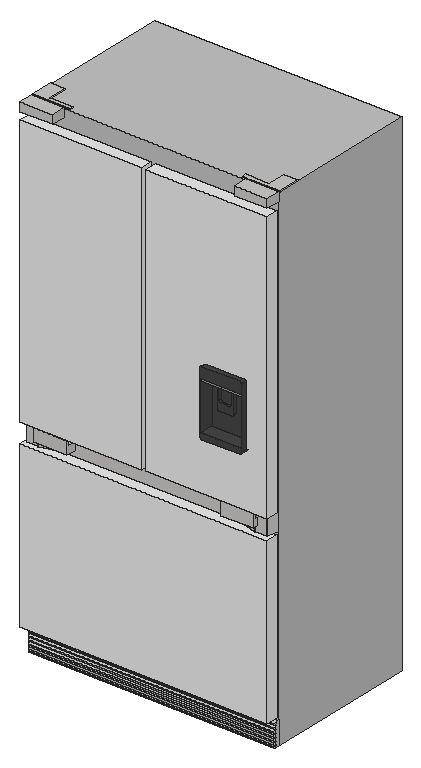
Revit family "FP-Revit20-RS36A72U1-FrenchDoorFridgeFreezer-0-90005081A-US-CA", category Specialty Equipment, Revit 2020
Family settings
  Round Connector Dimension = Use Diameter
  Part Type = Normal
  OmniClass Number = 23.40.40.11.11.17
  OmniClass Title = Refrigerator-Freezer
  Work Plane-Based = No
  Always vertical = Yes
  Cut with Voids When Loaded = Yes
  Shared = No
  Room Calculation Point = No
Parameters
  Visibility - Water Dispenser = yes
  Visibility - Visibility Control Note = yes
  Visibility - Clearance Required = yes
  URL = "www.fisherpaykel.com"
  Stainless Steel Door Panels (RD90AU) = no
  Product - Width = 906 mm  # constant formula
  Product - Height = 1798 mm  # constant formula
  Product - Depth = 604 mm  # constant formula
  Model = "RS90AU1"
  Material - Trim = Fisher & Paykel - Stainless Steel
  Material - Rollers and Feet = Fisher & Paykel - Black
  Material - Door Structure = Fisher & Paykel - White
  Material - Door Front = Fisher & Paykel - Stainless Steel
  Material - Connections = Fisher & Paykel - Black
  Material - Body = Fisher & Paykel - Grey
  Manufacturer = "Fisher & Paykel Appliances"
  Handle Style - Contemporary Square Fine Black (AHD5RD90AB) = no
  Handle Style - Contemporary Square Fine (AHD5RD90A) = no
  Handle Style - Contemporary Square (RS90A) = no
  Handle Style - Contemporary Round (25329 AHS-ASBI-A) = no
  Description = "90cm Integrated French Door Refrigerator Freezer, Ice & Water"
  Default Elevation = 0 mm
  Connector Description - Water = "13mm (1/2\") or 19mm (3/4\") BSP threaded water connection 6.35mm LLDPE tubing"
  Connector Description - Electrical = "115 V, 60 H, 10 A, fused electrical supply"
  Chassis - Width = 890 mm  # constant formula
  Chassis - Height = 1788 mm  # constant formula
  Chassis - Depth = 561.4 mm  # constant formula
  Cavity - Width = 914 mm  # constant formula
  Cavity - Height = 1800 mm  # constant formula
  Cavity - Depth = 650 mm  # constant formula
Reference planes
  plane 1 "Center (Front/Back)": y = 0
  plane 2: z = 0
  plane 3 "Center (Left/Right)": x = 0
  plane 4 "Product LHS": x = -453
  plane 5 "Product RHS": x = 453
  plane 6 "Cavity - Depth": y = 650
  plane 7 "Cavity LHS": x = -457
  plane 8 "Cavity RHS": x = 457
  plane 9 "Product - Depth": y = 622
  plane 10 "Product Height": z = 1798
  plane 11 "Cavity Height": z = 1800
  plane 12 "Datum": y = 18
Forms (mm)
  Extrusion 1, solid, material "Fisher & Paykel - Grey" <- "Material - Body"
    sketch origin (0, 0, 0) x (0, 1, 0) y (0, 0, 1)
      loop
        line (68.89, 6.6) -> (622, 6.6) -> (622, 1794.6) -> (68.89, 1794.6) -> (68.89, 6.6)
    from -445 to 445
  Extrusion 2, void
    sketch origin (-955, 0, 0) x (1, 0, 0) y (0, 0, 1)
      loop
        arc (1180.35, 1186.03) -> (1174.693, 1183.687) -> (1172.35, 1178.03) r 8
        line (1172.35, 1178.03) -> (1172.35, 958.43)
        arc (1172.35, 958.43) -> (1174.693, 952.773) -> (1180.35, 950.43) r 8
        line (1180.35, 950.43) -> (1314.85, 950.43)
        arc (1314.85, 950.43) -> (1320.507, 952.773) -> (1322.85, 958.43) r 8
        line (1322.85, 958.43) -> (1322.85, 1178.03)
        arc (1322.85, 1178.03) -> (1320.507, 1183.687) -> (1314.85, 1186.03) r 8
        line (1314.85, 1186.03) -> (1180.35, 1186.03)
    from -54.957 to 0
  Extrusion 3, solid, material "Fisher & Paykel - Black" <- "Material - Rollers and Feet"
    sketch origin (0, 0, -4) x (0, 1, 0) y (0, 0, 1)
      loop
        arc (120.09, 10.6) -> (136.133, 4) -> (152.177, 10.6) r 22.8
        line (152.177, 10.6) -> (120.09, 10.6)
      loop
        arc (555.39, 10.6) -> (571.433, 4) -> (587.477, 10.6) r 22.8
        line (587.477, 10.6) -> (555.39, 10.6)
    from 402 to 429
  Extrusion 4, solid, material "Fisher & Paykel - Clearance Required", visible <- "Visibility - Clearance Required", detail levels coarse
    sketch origin (0, 0, 0) x (0, 1, 0) y (0, 0, 1)
      loop
        line (-0.043, 696.43) -> (-359.921, 696.43) -> (-359.921, 631.801) -> (-401.921, 631.801) -> (-401.921, 615.801) -> (-359.921, 615.801) -> (-359.921, 100.03) -> (-0.043, 100.03) -> (-0.043, 696.43)
    from -453 to 453
  Extrusion 5, solid, material "Fisher & Paykel - White" <- "Material - Door Structure"
    sketch origin (0, 0, 0) x (1, 0, 0) y (0, 0, 1)
      loop
        line (-7.74, 1737.6) -> (-445, 1737.6) -> (-445, 763.6) -> (-7.74, 763.6) -> (-7.74, 1737.6)
      loop
        line (7.74, 1737.6) -> (7.74, 763.6) -> (445, 763.6) -> (445, 1737.6) -> (7.74, 1737.6)
      loop
        line (-445, 693.1) -> (-445, 101.1) -> (445, 101.1) -> (445, 693.1) -> (-445, 693.1)
    from -60.6 to -18
  Extrusion 6, solid, material "Fisher & Paykel - White" <- "Material - Door Structure"
    sketch origin (0, 0, 0) x (1, 0, 0) y (0, 0, 1)
      loop
        line (-434.6, 685.2) -> (-434.6, 109) -> (434.6, 109) -> (434.6, 685.2) -> (-434.6, 685.2)
      loop
        line (-13.88, 776) -> (-13.88, 1722.7) -> (-434.58, 1722.7) -> (-434.58, 776) -> (-13.88, 776)
      loop
        line (13.88, 776) -> (434.58, 776) -> (434.58, 1722.7) -> (13.88, 1722.7) -> (13.88, 776)
    from -68.89 to -60.552
  Extrusion 7, solid, material "Fisher & Paykel - Stainless Steel" <- "Material - Trim"
    sketch origin (0, -2, 0) x (1, 0, 0) y (0, 1, 0)
      loop
        line (-441.5, 70.89) -> (-434.782, 36.328)
        arc (-434.782, 36.328) -> (-433.745, 34.585) -> (-431.837, 33.9) r 3
        line (-431.837, 33.9) -> (-393.733, 33.9)
        arc (-393.733, 33.9) -> (-391.738, 34.034) -> (-389.779, 34.431) r 15
        line (-389.779, 34.431) -> (-320.032, 53.491) -> (320.032, 53.491) -> (389.779, 34.431)
        arc (389.779, 34.431) -> (391.738, 34.034) -> (393.733, 33.9) r 15
        line (393.733, 33.9) -> (431.837, 33.9)
        arc (431.837, 33.9) -> (433.745, 34.585) -> (434.782, 36.328) r 3
        line (434.782, 36.328) -> (441.5, 70.89) -> (-441.5, 70.89)
    from 696.967 to 759.03
  Extrusion 8, solid, material "Fisher & Paykel - Stainless Steel" <- "Material - Trim"
    sketch origin (0, -2, 0) x (0, 1, 0) y (0, 0, 1)
      loop
        line (20, 762.6) -> (20, 715.3) -> (70.89, 715.3) -> (70.89, 743.6) -> (25, 743.6) -> (25, 762.6) -> (20, 762.6)
    from 276.67 to 395
  Extrusion 9, solid, material "Fisher & Paykel - Stainless Steel" <- "Material - Trim"
    sketch origin (0, -2, 0) x (0, 1, 0) y (0, 0, -1)
      loop
        line (20, -762.6) -> (25, -762.6) -> (25, -743.6) -> (70.89, -743.6) -> (70.89, -715.3) -> (20, -715.3) -> (20, -762.6)
    from 276.67 to 395
  Extrusion 10, solid, material "Fisher & Paykel - Stainless Steel" <- "Material - Trim"
    sketch origin (0, 0, 0) x (1, 0, 0) y (0, 1, 0)
      loop
        line (-327.17, 18) -> (-327.17, 68.89) -> (-445, 68.89) -> (-445, 18) -> (-327.17, 18)
      loop
        line (445, 18) -> (445, 68.89) -> (327.17, 68.89) -> (327.17, 18) -> (445, 18)
    from 1765.6 to 1797.6
  Extrusion 11, solid, material "Fisher & Paykel - Stainless Steel" <- "Material - Trim", detail levels fine
    sketch origin (0, 0, 0) x (1, 0, 0) y (0, 1, 0)
      loop
        line (-445, 154.61) -> (-445, 73.11) -> (-311.45, 73.11) -> (-311.45, 88.11) -> (-394, 88.11) -> (-394, 154.61) -> (-445, 154.61)
      loop
        line (445, 154.61) -> (394.85, 154.61) -> (394.85, 88.11) -> (311.45, 88.11) -> (311.45, 73.11) -> (445, 73.11) -> (445, 154.61)
    from 1794.6 to 1797.6
  Extrusion 12, solid, material "Fisher & Paykel - Black" <- "Material - Rollers and Feet", detail levels fine
    sketch origin (0, 0, -4) x (0, 1, 0) y (0, 0, -1)
      loop
        line (120.09, -10.6) -> (152.177, -10.6)
        arc (152.177, -10.6) -> (136.133, -4) -> (120.09, -10.6) r 22.8
      loop
        line (555.39, -10.6) -> (587.477, -10.6)
        arc (587.477, -10.6) -> (571.433, -4) -> (555.39, -10.6) r 22.8
    from 402 to 429
  Extrusion 13, solid, material "Fisher & Paykel - Stainless Steel" <- "Material - Trim", detail levels fine
    sketch origin (0, -2, 0) x (0, 1, 0) y (0, 0, 1)
      loop
        line (24.91, 101.1) -> (24.91, 94.1) -> (50.15, 94.1) -> (50.15, 101.1) -> (24.91, 101.1)
    from -20.67 to 20.7
  Extrusion 14, solid, material "Fisher & Paykel - Stainless Steel" <- "Material - Trim", detail levels fine
    sketch origin (0, -2, 0) x (0, 1, 0) y (0, 0, 1)
      loop
        line (70.89, 90.613) -> (53.491, 85.951) -> (53.491, 81.639) -> (61.43, 81.639) -> (61.43, 75.465) -> (53.491, 73.338) -> (53.491, 69.031) -> (61.43, 69.031) -> (61.43, 62.857) -> (53.491, 60.73) -> (53.491, 56.423) -> (61.43, 56.423) -> (61.43, 50.254) -> (53.491, 48.127) -> (53.491, 43.821) -> (61.43, 43.821) -> (61.43, 37.652) -> (53.491, 35.525) -> (53.491, 31.218) -> (61.43, 31.218) -> (61.43, 25.049) -> (53.491, 22.922) -> (53.491, 18.585) -> (61.43, 18.585) -> (61.43, 12.447) -> (53.491, 10.32) -> (53.491, 6.6) -> (70.89, 6.6) -> (70.89, 90.613)
    from -445 to 445
  Extrusion 15, solid, material "Fisher & Paykel - Stainless Steel" <- "Material - Trim", detail levels coarse+medium
    sketch origin (0, -2, 0) x (0, 1, 0) y (0, 0, 1)
      loop
        line (70.89, 90.613) -> (53.491, 85.951) -> (53.491, 6.6) -> (70.89, 6.6) -> (70.89, 90.613)
    from -445 to 445
  Extrusion 16, void
    sketch origin (0, -2000, 0) x (1, 0, 0) y (0, 1, 0)
      loop
        line (-386.5, 2622) -> (-386.5, 2068.89) -> (386.5, 2068.89) -> (386.5, 2622) -> (-386.5, 2622)
    from 6.6 to 56.423
  Extrusion 17, solid, material "Fisher & Paykel - Stainless Steel" <- "Material - Door Front", visible <- "Stainless Steel Door Panels (RD90AU)"
    sketch origin (0, 0, 0) x (1, 0, 0) y (0, 0, 1)
      loop
        line (-448, 696.43) -> (-448, 100.03) -> (448, 100.03) -> (448, 696.43) -> (-448, 696.43)
      loop
        line (-448, 700.43) -> (-2, 700.43) -> (-2, 1796.43) -> (-448, 1796.43) -> (-448, 700.43)
      loop
        line (2, 1796.43) -> (2, 700.43) -> (448, 700.43) -> (448, 1796.43) -> (2, 1796.43)
    from -18 to 0.043
  Extrusion 18, void
    sketch origin (0, -2, 0) x (1, 0, 0) y (0, 1, 0)
      loop
        arc (445, 57.948) -> (443.695, 54.796) -> (440.543, 53.491) r 4.457
        line (440.543, 53.491) -> (445, 53.491) -> (445, 57.948)
      loop
        line (-445, 57.948) -> (-445, 53.491) -> (-440.543, 53.491)
        arc (-440.543, 53.491) -> (-443.695, 54.796) -> (-445, 57.948) r 4.457
    from 6.6 to 100.03
  Extrusion 19, solid, material "Fisher & Paykel - Clearance Required", visible <- "Visibility - Clearance Required", detail levels coarse
    sketch origin (0, 0, 0) x (1, 0, 0) y (0, 1, 0)
      loop
        line (-457, 650) -> (-457, 18) -> (457, 18) -> (457, 650) -> (-457, 650)
    from 0 to 1800
  Extrusion 20, solid, material "Fisher & Paykel - Clearance Required", visible <- "Visibility - Clearance Required", detail levels coarse
    sketch origin (0, 0, 0) x (1, 0, 0) y (0, 1, 0)
      loop
        line (-453, -0.043) -> (-610.872, -338.602) -> (-647.125, -321.697) -> (-653.73, -335.861) -> (-617.477, -352.766) -> (-643.601, -408.788)
        arc (-643.601, -408.788) -> (-210.678, -380.413) -> (-2, -0.043) r 451
        line (-2, -0.043) -> (-453, -0.043)
      loop
        line (453, -0.043) -> (2, -0.043)
        arc (2, -0.043) -> (210.678, -380.413) -> (643.601, -408.788) r 451
        line (643.601, -408.788) -> (617.477, -352.766) -> (653.73, -335.861) -> (647.125, -321.697) -> (610.872, -338.602) -> (453, -0.043)
    from 700.43 to 1800
  Extrusion 21, void
    sketch origin (0, 0, 0) x (1, 0, 0) y (0, 0, 1)
      loop
        line (275, 69.031) -> (275, 200) -> (0, 200) -> (0, 69.031) -> (275, 69.031)
      loop
        circle (225, 135) r 3
      loop
        circle (50, 135) r 3
    from -622 to -620
  Extrusion 22, void
    sketch origin (0, 0, 0) x (1, 0, 0) y (0, 1, 0)
      loop
        line (-457, 650) -> (-457, 0) -> (457, 0) -> (457, 650) -> (-457, 650)
    from 0 to 1800
Cuts and joins
  Extrusion 16, Extrusion 21 cuts Extrusion 1
  Extrusion 2 cuts Extrusion 17
  Extrusion 2 cuts Extrusion 5
  Extrusion 18 cuts Extrusion 14
  Extrusion 18 cuts Extrusion 15
  joined: Extrusion 7, Extrusion 8, Extrusion 9
Lines and regions (mm)
  model lines, style "Fisher & Paykel"
    curve 1: line (-453, 18, 1796.43) -> (-2, 18, 1796.43)
    curve 2: line (-453, 18, 700.43) -> (-453, 18, 1796.43)
    curve 3: line (-2, 18, 700.43) -> (-453, 18, 700.43)
    curve 4: line (-2, 18, 1796.43) -> (-2, 18, 700.43)
    curve 5: line (2, 18, 700.43) -> (453, 18, 700.43)
    curve 6: line (2, 18, 1796.43) -> (2, 18, 700.43)
    curve 7: line (453, 18, 1796.43) -> (2, 18, 1796.43)
    curve 8: line (453, 18, 700.43) -> (453, 18, 1796.43)
    curve 9: line (-453, 18, 696.43) -> (453, 18, 696.43)
    curve 10: line (-453, 18, 100.03) -> (-453, 18, 696.43)
    curve 11: line (453, 18, 100.03) -> (-453, 18, 100.03)
    curve 12: line (453, 18, 696.43) -> (453, 18, 100.03)
Text (mm)
  text "Due to ongoing product development, product details are subject to change without notice. \nPlease always refer to www.fisherpaykel.com for the most current product information. \n© Fisher & Paykel 2020" at (41.04, -527.568, 0), in view "Ref. Level (Plan)"
Dimensions and locks
  equal spacing: plane 4 "Product LHS", plane 3 "Center (Left/Right)", plane 5 "Product RHS"
  "Product - Width": plane 4 "Product LHS" to plane 5 "Product RHS"
  "Cavity - Depth": plane 1 "Center (Front/Back)" to plane 6 "Cavity - Depth"
  equal spacing: plane 7 "Cavity LHS", plane 3 "Center (Left/Right)", plane 8 "Cavity RHS"
  "Cavity - Width": plane 7 "Cavity LHS" to plane 8 "Cavity RHS"
  "Product - Height": level to plane 10 "Product Height"
  "Cavity - Height": plane 11 "Cavity Height" to level
  Extrusion 2 sketch curve to plane 3 "Center (Left/Right)" = 367.85 mm
  Extrusion 2 sketch curve to Extrusion 2 sketch curve = 235.6 mm
  Extrusion 2 sketch curve to level = 950.43 mm
  Extrusion 2 sketch curve to Extrusion 2 sketch curve = 150.5 mm
  "Chassis - Height": Extrusion 1 to Extrusion 1
  nested 1 to Extrusion 1 = 1179.43 mm
  Extrusion 13 to Extrusion 15 = 94.5 mm
  locked: plane 1 "Center (Front/Back)" to plane 12 "Datum" at 18
  "Chassis - Depth": cut or joined group of Extrusion 2, Extrusion 5 to plane 9 "Product - Depth"
  "Product - Depth": plane 9 "Product - Depth" to plane 12 "Datum"
  equal spacing: cut or joined group of Extrusion 1, Extrusion 16, Extrusion 21, plane 3 "Center (Left/Right)", cut or joined group of Extrusion 1, Extrusion 16, Extrusion 21  (x2)
  "Chassis - Width": cut or joined group of Extrusion 1, Extrusion 16, Extrusion 21 to cut or joined group of Extrusion 1, Extrusion 16, Extrusion 21
  aligned and locked: level to plane 2
  aligned and locked: Extrusion 18 to Extrusion 3
  aligned and locked: plane 9 "Product - Depth" to Extrusion 1
  aligned and locked: cut or joined group of Extrusion 1, Extrusion 16, Extrusion 21 to Extrusion 14
  aligned and locked: cut or joined group of Extrusion 1, Extrusion 16, Extrusion 21 to Extrusion 15
  aligned and locked: Extrusion 15 to cut or joined group of Extrusion 1, Extrusion 16, Extrusion 21
  aligned and locked: Extrusion 14 to cut or joined group of Extrusion 1, Extrusion 16, Extrusion 21
  aligned and locked: Extrusion 11 sketch curve to cut or joined group of Extrusion 1, Extrusion 16, Extrusion 21
  aligned and locked: Extrusion 5 sketch curve to cut or joined group of Extrusion 1, Extrusion 16, Extrusion 21  (x2)
  aligned and locked: Extrusion 5 sketch curve to Extrusion 5 sketch curve
  aligned and locked: cut or joined group of Extrusion 1, Extrusion 16, Extrusion 21 to Extrusion 5 sketch curve
  aligned and locked: Extrusion 18 sketch curve to cut or joined group of Extrusion 14, Extrusion 18
  aligned and locked: Extrusion 10 to Extrusion 18 sketch curve
  aligned and locked: Extrusion 18 sketch curve to Extrusion 10
  aligned and locked: plane 9 "Product - Depth" to Extrusion 21
Automatic sketch dimensions
  Extrusion 1 sketch curve to plane 9 "Product - Depth" = 0 mm
  level to Extrusion 1 sketch curve = 6.6 mm
  Extrusion 1 sketch curve to plane 12 "Datum" = 50.89 mm
  plane 10 "Product Height" to Extrusion 1 sketch curve = 3.4 mm
  Extrusion 2 sketch curve to Extrusion 2 sketch curve = 8 mm  (x4)
  level to Extrusion 3 sketch curve = 6.6 mm  (x2)
  Extrusion 3 sketch curve to plane 12 "Datum" = 102.09 mm
  Extrusion 3 sketch curve to Extrusion 3 sketch curve = 16.044 mm  (x2)
  Extrusion 3 sketch curve to plane 9 "Product - Depth" = 66.61 mm
  level to Extrusion 3 sketch curve = 22.8 mm  (x2)
  plane 1 "Center (Front/Back)" to Extrusion 4 sketch curve = 401.921 mm
  Extrusion 4 sketch curve to Extrusion 4 sketch curve = 42 mm
  level to Extrusion 4 sketch curve = 100.03 mm
  plane 1 "Center (Front/Back)" to Extrusion 4 sketch curve = 359.921 mm
  plane 1 "Center (Front/Back)" to Extrusion 4 sketch curve = 0.043 mm
  Extrusion 4 sketch curve to Extrusion 4 sketch curve = 515.771 mm
  Extrusion 4 sketch curve to Extrusion 4 sketch curve = 16 mm
  Extrusion 4 sketch curve to Extrusion 4 sketch curve = 64.629 mm
  Extrusion 5 sketch curve to plane 3 "Center (Left/Right)" = 7.74 mm
  plane 3 "Center (Left/Right)" to Extrusion 5 sketch curve = 7.74 mm
  level to Extrusion 5 sketch curve = 101.1 mm
  Extrusion 5 sketch curve to Extrusion 5 sketch curve = 592 mm
  Extrusion 5 sketch curve to Extrusion 5 sketch curve = 70.5 mm
  Extrusion 5 sketch curve to Extrusion 5 sketch curve = 0 mm
  plane 10 "Product Height" to Extrusion 5 sketch curve = 60.4 mm  (x2)
  Extrusion 6 sketch curve to plane 4 "Product LHS" = 18.4 mm
  Extrusion 6 sketch curve to plane 4 "Product LHS" = 18.42 mm
  Extrusion 6 sketch curve to plane 3 "Center (Left/Right)" = 13.88 mm
  plane 3 "Center (Left/Right)" to Extrusion 6 sketch curve = 13.88 mm
  plane 5 "Product RHS" to Extrusion 6 sketch curve = 18.42 mm
  plane 5 "Product RHS" to Extrusion 6 sketch curve = 18.4 mm
  level to Extrusion 6 sketch curve = 109 mm
  Extrusion 6 sketch curve to Extrusion 6 sketch curve = 576.2 mm
  Extrusion 6 sketch curve to Extrusion 6 sketch curve = 90.8 mm
  Extrusion 6 sketch curve to Extrusion 6 sketch curve = 0 mm  (x2)
  plane 10 "Product Height" to Extrusion 6 sketch curve = 75.3 mm
  Extrusion 7 sketch curve to plane 4 "Product LHS" = 11.5 mm
  Extrusion 7 sketch curve to plane 4 "Product LHS" = 18.218 mm
  Extrusion 7 sketch curve to Extrusion 7 sketch curve = 2.945 mm  (x2)
  Extrusion 7 sketch curve to plane 12 "Datum" = 13.9 mm
  Extrusion 7 sketch curve to Extrusion 7 sketch curve = 38.104 mm
  Extrusion 7 sketch curve to plane 12 "Datum" = 14.431 mm  (x2)
  Extrusion 7 sketch curve to Extrusion 7 sketch curve = 3.954 mm  (x2)
  Extrusion 7 sketch curve to plane 12 "Datum" = 33.491 mm
  Extrusion 7 sketch curve to Extrusion 7 sketch curve = 69.747 mm
  plane 5 "Product RHS" to Extrusion 7 sketch curve = 132.968 mm
  plane 5 "Product RHS" to Extrusion 7 sketch curve = 63.221 mm
  plane 5 "Product RHS" to Extrusion 7 sketch curve = 21.163 mm
  plane 5 "Product RHS" to Extrusion 7 sketch curve = 11.5 mm
  Extrusion 7 sketch curve to plane 1 "Center (Front/Back)" = 31.9 mm
  Extrusion 7 sketch curve to Extrusion 7 sketch curve = 2.428 mm  (x2)
  Extrusion 7 sketch curve to Extrusion 7 sketch curve = 34.562 mm
  Extrusion 8 sketch curve to plane 12 "Datum" = 0 mm
  Extrusion 8 sketch curve to Extrusion 8 sketch curve = 5 mm
  Extrusion 8 sketch curve to Extrusion 8 sketch curve = 50.89 mm
  level to Extrusion 8 sketch curve = 715.3 mm
  Extrusion 8 sketch curve to Extrusion 8 sketch curve = 28.3 mm
  Extrusion 8 sketch curve to Extrusion 8 sketch curve = 19 mm
  Extrusion 9 sketch curve to plane 12 "Datum" = 0 mm
  Extrusion 9 sketch curve to Extrusion 9 sketch curve = 5 mm
  Extrusion 9 sketch curve to Extrusion 9 sketch curve = 50.89 mm
  level to Extrusion 9 sketch curve = 762.6 mm
  Extrusion 9 sketch curve to Extrusion 9 sketch curve = 19 mm
  Extrusion 9 sketch curve to Extrusion 9 sketch curve = 28.3 mm
  plane 12 "Datum" to Extrusion 10 sketch curve = 0 mm  (x2)
  Extrusion 10 sketch curve to plane 4 "Product LHS" = 8 mm
  Extrusion 10 sketch curve to plane 12 "Datum" = 50.89 mm  (x2)
  Extrusion 10 sketch curve to Extrusion 10 sketch curve = 117.83 mm
  plane 5 "Product RHS" to Extrusion 10 sketch curve = 125.83 mm
  plane 5 "Product RHS" to Extrusion 10 sketch curve = 8 mm
  Extrusion 11 sketch curve to Extrusion 11 sketch curve = 51 mm
  Extrusion 11 sketch curve to Extrusion 11 sketch curve = 82.55 mm
  Extrusion 11 sketch curve to plane 12 "Datum" = 55.11 mm  (x2)
  plane 5 "Product RHS" to Extrusion 11 sketch curve = 141.55 mm
  plane 5 "Product RHS" to Extrusion 11 sketch curve = 58.15 mm
  plane 5 "Product RHS" to Extrusion 11 sketch curve = 8 mm
  Extrusion 11 sketch curve to Extrusion 11 sketch curve = 15 mm  (x2)
  Extrusion 11 sketch curve to Extrusion 11 sketch curve = 66.5 mm  (x2)
  level to Extrusion 12 sketch curve = 6.6 mm  (x2)
  Extrusion 12 sketch curve to plane 12 "Datum" = 102.09 mm
  Extrusion 12 sketch curve to Extrusion 12 sketch curve = 16.044 mm  (x2)
  Extrusion 12 sketch curve to plane 9 "Product - Depth" = 66.61 mm
  level to Extrusion 12 sketch curve = 22.8 mm  (x2)
  Extrusion 13 sketch curve to plane 12 "Datum" = 4.91 mm
  Extrusion 13 sketch curve to Extrusion 13 sketch curve = 25.24 mm
  level to Extrusion 13 sketch curve = 94.1 mm
  Extrusion 13 sketch curve to Extrusion 13 sketch curve = 7 mm
  Extrusion 14 sketch curve to plane 12 "Datum" = 33.491 mm  (x3)
  level to Extrusion 14 sketch curve = 6.6 mm
  Extrusion 14 sketch curve to Extrusion 14 sketch curve = 0 mm  (x8)
  Extrusion 14 sketch curve to Extrusion 14 sketch curve = 7.939 mm  (x2)
  Extrusion 14 sketch curve to Extrusion 14 sketch curve = 9.46 mm
  Extrusion 14 sketch curve to Extrusion 14 sketch curve = 3.72 mm
  Extrusion 14 sketch curve to Extrusion 14 sketch curve = 2.127 mm
  Extrusion 14 sketch curve to Extrusion 14 sketch curve = 8.266 mm
  Extrusion 14 sketch curve to Extrusion 14 sketch curve = 4.337 mm
  Extrusion 14 sketch curve to Extrusion 14 sketch curve = 6.464 mm
  Extrusion 14 sketch curve to Extrusion 14 sketch curve = 6.169 mm  (x3)
  Extrusion 14 sketch curve to Extrusion 14 sketch curve = 4.306 mm  (x4)
  Extrusion 14 sketch curve to Extrusion 14 sketch curve = 6.433 mm  (x4)
  Extrusion 14 sketch curve to Extrusion 14 sketch curve = 6.175 mm  (x2)
  Extrusion 14 sketch curve to Extrusion 14 sketch curve = 4.312 mm
  Extrusion 14 sketch curve to Extrusion 14 sketch curve = 8.974 mm
  Extrusion 15 sketch curve to plane 12 "Datum" = 33.491 mm
  level to Extrusion 15 sketch curve = 6.6 mm
  Extrusion 15 sketch curve to Extrusion 15 sketch curve = 17.399 mm
  Extrusion 15 sketch curve to Extrusion 15 sketch curve = 79.351 mm
  Extrusion 15 sketch curve to Extrusion 15 sketch curve = 4.662 mm
  Extrusion 16 sketch curve to plane 9 "Product - Depth" = 0 mm
  Extrusion 16 sketch curve to plane 4 "Product LHS" = 66.5 mm
  plane 5 "Product RHS" to Extrusion 16 sketch curve = 66.5 mm
  Extrusion 16 sketch curve to plane 12 "Datum" = 50.89 mm
  Extrusion 17 sketch curve to plane 4 "Product LHS" = 5 mm  (x2)
  plane 5 "Product RHS" to Extrusion 17 sketch curve = 5 mm  (x2)
  Extrusion 17 sketch curve to plane 3 "Center (Left/Right)" = 2 mm
  plane 3 "Center (Left/Right)" to Extrusion 17 sketch curve = 2 mm
  level to Extrusion 17 sketch curve = 100.03 mm
  Extrusion 17 sketch curve to Extrusion 17 sketch curve = 596.4 mm
  Extrusion 17 sketch curve to Extrusion 17 sketch curve = 4 mm
  Extrusion 17 sketch curve to Extrusion 17 sketch curve = 0 mm
  plane 10 "Product Height" to Extrusion 17 sketch curve = 1.57 mm  (x2)
  Extrusion 18 sketch curve to Extrusion 18 sketch curve = 4.457 mm  (x2)
  Extrusion 18 sketch curve to plane 12 "Datum" = 33.491 mm
  Extrusion 19 sketch curve to plane 7 "Cavity LHS" = 0 mm
  Extrusion 19 sketch curve to plane 8 "Cavity RHS" = 0 mm
  plane 12 "Datum" to Extrusion 19 sketch curve = 0 mm
  plane 6 "Cavity - Depth" to Extrusion 19 sketch curve = 0 mm
  Extrusion 20 sketch curve to plane 4 "Product LHS" = 0 mm  (x2)
  Extrusion 20 sketch curve to plane 5 "Product RHS" = 0 mm  (x2)
  plane 7 "Cavity LHS" to Extrusion 20 sketch curve = 153.872 mm
  Extrusion 20 sketch curve to Extrusion 20 sketch curve = 6.605 mm  (x3)
  Extrusion 20 sketch curve to Extrusion 20 sketch curve = 26.124 mm
  Extrusion 20 sketch curve to Extrusion 20 sketch curve = 36.252 mm  (x2)
  plane 1 "Center (Front/Back)" to Extrusion 20 sketch curve = 0.043 mm  (x2)
  Extrusion 20 sketch curve to plane 3 "Center (Left/Right)" = 2 mm
  plane 3 "Center (Left/Right)" to Extrusion 20 sketch curve = 2 mm
  Extrusion 20 sketch curve to plane 8 "Cavity RHS" = 153.872 mm
  plane 1 "Center (Front/Back)" to Extrusion 20 sketch curve = 408.788 mm
  plane 1 "Center (Front/Back)" to Extrusion 20 sketch curve = 335.861 mm
  Extrusion 21 sketch curve to plane 3 "Center (Left/Right)" = 0 mm
  plane 3 "Center (Left/Right)" to Extrusion 21 sketch curve = 50 mm
  Extrusion 21 sketch curve to Extrusion 21 sketch curve = 175 mm
  Extrusion 21 sketch curve to Extrusion 21 sketch curve = 50 mm
  level to Extrusion 21 sketch curve = 69.031 mm
  Extrusion 21 sketch curve to Extrusion 21 sketch curve = 65.969 mm  (x2)
  Extrusion 21 sketch curve to Extrusion 21 sketch curve = 65 mm
  Extrusion 22 sketch curve to plane 7 "Cavity LHS" = 0 mm
  Extrusion 22 sketch curve to plane 8 "Cavity RHS" = 0 mm
  plane 12 "Datum" to Extrusion 22 sketch curve = 18 mm
  plane 6 "Cavity - Depth" to Extrusion 22 sketch curve = 0 mm
  plane 4 "Product LHS" to curve 1 = 0 mm
  plane 5 "Product RHS" to curve 8 = 0 mm
  plane 4 "Product LHS" to curve 9 = 0 mm
  plane 5 "Product RHS" to curve 9 = 0 mm
  plane 10 "Product Height" to curve 1 = 1.57 mm
  plane 10 "Product Height" to curve 8 = 1.57 mm
  level to curve 5 = 700.43 mm
  curve 4 to plane 3 "Center (Left/Right)" = 2 mm
  curve 4 to curve 5 = 0 mm
  curve 2 to curve 9 = 4 mm
  level to curve 11 = 100.03 mm
  plane 3 "Center (Left/Right)" to curve 7 = 2 mm
  radius of Extrusion 21 sketch curve = 3 mm  (x2)
Nested families
  nested 1: "F&P Water Dispenser" at (292.6, 0, 950.43), visible <- "Visibility - Water Dispenser", type "F&P Water Dispenser"
  nested 2: "F&P Handle Kit - Contemporary Square - Horizontal" at (0, 0, 623.802), visible <- "Handle Style - Contemporary Square (RS90A)", type "RS90A - Contemporary square handle (2 of 2) (Horizontal) 746mm"
  nested 3: "F&P Handle Kit - Contemporary Square - Vertical" at (67.3, 0, 1128.5), visible <- "Handle Style - Contemporary Square (RS90A)", type "RS90A - Contemporary square handle (1 of 2) (Vertical) 727mm"
  nested 4: "F&P Handle Kit - Contemporary Square - Vertical" at (-67.3, 0, 1128.5), visible <- "Handle Style - Contemporary Square (RS90A)", type "RS90A - Contemporary square handle (1 of 2) (Vertical) 727mm"
  nested 5: "Comment Marker 2D" at (0, 95.815, 0), visible <- "Visibility - Visibility Control Note", type "Active"
  nested 6: "F&P Handle Kit - Contemporary Round - Horizontal" at (0, -0.043, 623.78), visible <- "Handle Style - Contemporary Round (25329 AHS-ASBI-A)", type "25329 AHS-ASBI-A - Contemporary round handle (2 of 2) (Horizontal) 746mm"
  nested 7: "F&P Handle Kit - Contemporary Round - Vertical" at (-67.3, -0.043, 1128.5), visible <- "Handle Style - Contemporary Round (25329 AHS-ASBI-A)", type "25329 AHS-ASBI-A - Contemporary round handle (1 of 2) (Vertical) 727mm"
  nested 8: "F&P Handle Kit - Contemporary Square Fine - Horizontal" at (0, -0.043, 623.78), visible <- "Handle Style - Contemporary Square Fine (AHD5RD90A)", type "AHD5RD90A - Contemporary square fine handle (2 of 2) (Horizontal) 746mm"
  nested 9: "F&P Handle Kit - Contemporary Square Fine - Horizontal" at (0, -0.043, 623.78), visible <- "Handle Style - Contemporary Square Fine Black (AHD5RD90AB)", type "AHD5RD90AB - Contemporary square fine black handle (2 of 2) (Horizontal) 746mm"
  nested 10: "F&P Handle Kit - Contemporary Square Fine - Vertical" at (-67.3, -0.043, 1128.5), visible <- "Handle Style - Contemporary Square Fine (AHD5RD90A)", type "AHD5RD90A - Contemporary square fine handle (1 of 2) (Vertical) 727mm"
  nested 11: "F&P Handle Kit - Contemporary Square Fine - Vertical" at (-67.3, -0.043, 1128.5), visible <- "Handle Style - Contemporary Square Fine Black (AHD5RD90AB)", type "AHD5RD90AB - Contemporary square fine black handle (1 of 2) (Vertical) 727mm"
  nested 12: "F&P Handle Kit - Contemporary Round - Vertical" at (67.3, -0.043, 1128.5), visible <- "Handle Style - Contemporary Round (25329 AHS-ASBI-A)", type "25329 AHS-ASBI-A - Contemporary round handle (1 of 2) (Vertical) 727mm"
  nested 13: "F&P Handle Kit - Contemporary Square Fine - Vertical" at (67.3, -0.043, 1128.5), visible <- "Handle Style - Contemporary Square Fine (AHD5RD90A)", type "AHD5RD90A - Contemporary square fine handle (1 of 2) (Vertical) 727mm"
  nested 14: "F&P Handle Kit - Contemporary Square Fine - Vertical" at (67.3, -0.043, 1128.5), visible <- "Handle Style - Contemporary Square Fine Black (AHD5RD90AB)", type "AHD5RD90AB - Contemporary square fine black handle (1 of 2) (Vertical) 727mm"
Connectors
  electrical at (50, 622, 135), driven by "Connector Description - Electrical"
    settings: on cut or joined group of Extrusion 1, Extrusion 16, Extrusion 21, index 1, voltage 230 V, apparent load 0 VA, apparent load phase1 0 VA, apparent load phase2 0 VA, apparent load phase3 0 VA, power factor 1, load classification "Other", number of poles 1, system type 30, power factor state 1, is connector primary yes, connector utility no, sub classification motor no, connector description "115 V, 60 H, 10 A, fused electrical supply"
  piping at (225, 622, 135), diameter 6, driven by "Connector Description - Water"
    settings: on cut or joined group of Extrusion 1, Extrusion 16, Extrusion 21, index 2, connector inside diameter 609.6 mm, connector length 0 mm, flow factor 0, pipe flow 0.0 L/s, pressure drop 0.0 Pa, fitting loss kfactor 0, connector angle 0.00°, fixture units 0, engagement length 0 mm, angle of deflection 0.00°, flow configuration 0, flow direction 1, fitting loss method 0, system type 20, joint type 0, gender type 0, connector reference index -1, connector utility 0, adjustable connector no, is connector primary yes, connector description "13mm (1/2\") or 19mm (3/4\") BSP threaded water connection 6.35mm LLDPE tubing"
Definition of nested family "F&P Water Dispenser"
  Parameters (values of type "F&P Water Dispenser")
    URL = "www.fisherpaykel.com"
    Material - Trim = none
    Material - Body = none
    Manufacturer = "Fisher & Paykel Appliances"
    Default Elevation = 0 mm
    Connector Description - Water = ""
    Connector Description - Electrical = ""
  Reference planes
    plane 1 "Center (Front/Back)": y = 0
    plane 2: z = 0
    plane 3 "Center (Left/Right)": x = 0
  Forms (mm)
    Extrusion 1, solid, material <- "Material - Body"
      sketch origin (0, 0, 0) x (1, 0, 0) y (0, 0, 1)
        loop
          arc (-67.25, 235.6) -> (-72.907, 233.257) -> (-75.25, 227.6) r 8
          line (-75.25, 227.6) -> (-75.25, 8)
          arc (-75.25, 8) -> (-72.907, 2.343) -> (-67.25, 0) r 8
          line (-67.25, 0) -> (67.25, 0)
          arc (67.25, 0) -> (72.907, 2.343) -> (75.25, 8) r 8
          line (75.25, 8) -> (75.25, 227.609)
          arc (75.25, 227.609) -> (72.909, 233.259) -> (67.259, 235.6) r 7.991
          line (67.259, 235.6) -> (-67.25, 235.6)
        loop
          line (-74.25, 192.6) -> (-74.25, 20) -> (74.25, 20) -> (74.25, 192.6) -> (-74.25, 192.6)
      from -55 to 0
    Extrusion 2, solid, material <- "Material - Trim", detail levels fine
      sketch origin (0, 0, 0) x (1, 0, 0) y (0, 0, 1)
        loop
          line (-74.25, 192.6) -> (-74.25, 187.1) -> (74.25, 187.1) -> (74.25, 192.6) -> (-74.25, 192.6)
      from -55 to 0
    Extrusion 3, solid, material <- "Material - Body"
      sketch origin (0, 0, 0) x (1, 0, 0) y (0, 0, 1)
        loop
          line (-74.25, 187.1) -> (-74.25, 20) -> (74.25, 20) -> (74.25, 187.1) -> (-74.25, 187.1)
      from -55 to -50
    Extrusion 4, solid, material <- "Material - Body", detail levels fine
      sketch origin (0, 0, 0) x (1, 0, 0) y (0, 0, 1)
        loop
          line (-30, 187.1) -> (-30, 105.1)
          arc (-30, 105.1) -> (-27.657, 99.443) -> (-22, 97.1) r 8
          line (-22, 97.1) -> (22, 97.1)
          arc (22, 97.1) -> (27.657, 99.443) -> (30, 105.1) r 8
          line (30, 105.1) -> (30, 187.1) -> (23.5, 187.1) -> (23.5, 134.1)
          arc (23.5, 134.1) -> (21.157, 128.443) -> (15.5, 126.1) r 8
          line (15.5, 126.1) -> (-15.5, 126.1)
          arc (-15.5, 126.1) -> (-21.157, 128.443) -> (-23.5, 134.1) r 8
          line (-23.5, 134.1) -> (-23.5, 187.1) -> (-30, 187.1)
      from -27.6 to -21.6
    Extrusion 5, solid, material <- "Material - Body", detail levels fine
      sketch origin (0, 0, 0) x (1, 0, 0) y (0, 1, 0)
        loop
          circle (0, 24.6) r 7.5
      from 179.1 to 187.1
  Dimensions and locks
    aligned and locked: level to plane 2
Definition of nested family "F&P Handle Kit - Contemporary Square - Horizontal"
  Parameters (values of type "RS90A - Contemporary square handle (2 of 2) (Horizontal) 746mm")
    URL = "www.fisherpaykel.com"
    Material - Handle = none
    Manufacturer = "Fisher & Paykel Appliances"
    Handle - Length = 746 mm
    Default Elevation = 0 mm
  Types (9, lengths in mm): name | Handle - Length
    (no name) | 746
    AHD3RD2484W - Contemporary square handle (2 of 2) (Horizontal) 494mm | 494
    AHD3RD3084W - Contemporary square handle (2 of 2) (Horizontal) 646mm | 646
    AHD3RS3272A - Contemporary square handle (2 of 2) (Horizontal) 646mm | 646
    AHD3RS80A - Contemporary square handle (2 of 2) (Horizontal) 646mm | 646
    AHD3RD6121W - Contemporary square handle (2 of 2) (Horizontal) 494mm | 494
    AHD3RD7621W - Contemporary square handle (2 of 2) (Horizontal) 646mm | 646
    RS36A - Contemporary square handle (2 of 2) (Horizontal) 746mm | 746
    RS90A - Contemporary square handle (2 of 2) (Horizontal) 746mm | 746
  Reference planes
    plane 1 "Center (Front/Back)": y = 0
    plane 2: z = 0
    plane 3 "Center (Left/Right)": x = 0
    plane 4 "Product LHS": x = -373
    plane 5 "Product RHS": x = 373
    plane 6 "LHS Standoff": x = -252.995
    plane 7 "RHS Standoff": x = 253.005
  Forms (mm)
    Extrusion 1, solid, material <- "Material - Handle", detail levels fine
      sketch origin (0, 0, 0) x (0, 1, 0) y (0, 0, 1)
        loop
          arc (-28.701, 7.561) -> (-29.057, 7.868) -> (-29.514, 7.978) r 1
          line (-29.514, 7.978) -> (-40.5, 7.978)
          arc (-40.5, 7.978) -> (-41.561, 7.539) -> (-42, 6.478) r 1.5
          line (-42, 6.478) -> (-42, -6.522)
          arc (-42, -6.522) -> (-41.561, -7.583) -> (-40.5, -8.022) r 1.5
          line (-40.5, -8.022) -> (-29.487, -8.022)
          arc (-29.487, -8.022) -> (-29.029, -7.911) -> (-28.673, -7.602) r 1
          arc (-28.673, -7.602) -> (-26.256, -0.016) -> (-28.701, 7.561) r 13.038
      from -373 to 373
    Extrusion 2, solid, material <- "Material - Handle", detail levels fine
      sketch origin (0, 0, 0) x (0, 1, 0) y (0, 0, 1)
        loop
          arc (-28.23, 7.062) -> (-26.156, 0.008) -> (-28.198, -7.056) r 13.136
          arc (-28.198, -7.056) -> (-28.21, -7.463) -> (-27.86, -7.67) r 0.4
          line (-27.86, -7.67) -> (0, -7.67) -> (0, 7.678) -> (-27.893, 7.678)
          arc (-27.893, 7.678) -> (-28.244, 7.47) -> (-28.23, 7.062) r 0.4
      from 253.005 to 373
    Extrusion 3, solid, material <- "Material - Handle", detail levels fine
      sketch origin (0, 0, 0) x (0, 1, 0) y (0, 0, -1)
        loop
          arc (-28.23, -7.062) -> (-28.244, -7.47) -> (-27.893, -7.678) r 0.4
          line (-27.893, -7.678) -> (0, -7.678) -> (0, 7.67) -> (-27.86, 7.67)
          arc (-27.86, 7.67) -> (-28.21, 7.463) -> (-28.198, 7.056) r 0.4
          arc (-28.198, 7.056) -> (-26.156, -0.008) -> (-28.23, -7.062) r 13.136
      from 252.995 to 373
    Sweep 4, void
      path in 3D
        loop
          line (373, -29.514, 7.978) -> (373, -40.5, 7.978)
          arc (373, -40.5, 7.978) -> (373, -41.561, 7.539) -> (373, -42, 6.478) r 1.5
          line (373, -42, 6.478) -> (373, -42, -6.522)
          arc (373, -42, -6.522) -> (373, -41.561, -7.583) -> (373, -40.5, -8.022) r 1.5
          line (373, -40.5, -8.022) -> (373, -29.487, -8.022)
      profile origin (373, -35.007, 7.978) x (1, 0, 0) y (0, 0, 1)
        loop
          line (0, 0) -> (-1.3, 0) -> (0, -1.3) -> (0, 0)
    Sweep 5, void
      path in 3D
        loop
          line (-373, -29.487, -8.022) -> (-373, -40.5, -8.022)
          arc (-373, -40.5, -8.022) -> (-373, -41.561, -7.583) -> (-373, -42, -6.522) r 1.5
          line (-373, -42, -6.522) -> (-373, -42, 6.478)
          arc (-373, -42, 6.478) -> (-373, -41.561, 7.539) -> (-373, -40.5, 7.978) r 1.5
          line (-373, -40.5, 7.978) -> (-373, -29.514, 7.978)
      profile origin (-373, -35.007, 7.978) x (-1, 0, 0) y (0, 0, 1)
        loop
          line (0, 0) -> (-1.3, 0) -> (0, -1.3) -> (0, 0)
    Extrusion 6, void
      sketch origin (0, 0, 0) x (1, 0, 0) y (0, 0, 1)
        loop
          line (373, 7.978) -> (371.7, 7.978) -> (373, 6.678) -> (373, 7.978)
        loop
          line (373, -8.022) -> (373, -6.722) -> (371.7, -8.022) -> (373, -8.022)
      from 0 to 40
    Extrusion 7, void
      sketch origin (0, 0, 0) x (1, 0, 0) y (0, 0, 1)
        loop
          line (-373, 7.978) -> (-373, 6.678) -> (-371.7, 7.978) -> (-373, 7.978)
        loop
          line (-373, -8.022) -> (-371.7, -8.022) -> (-373, -6.722) -> (-373, -8.022)
      from 0 to 40
    Extrusion 8, solid, material <- "Material - Handle", detail levels coarse+medium
      sketch origin (0, 0, 0) x (1, 0, 0) y (0, 1, 0)
        loop
          line (-373, -42) -> (373, -42) -> (373, 0) -> (253.005, 0) -> (253.005, -26.156) -> (-252.995, -26.156) -> (-252.995, 0) -> (-373, 0) -> (-373, -42)
      from -8.022 to 7.978
  Cuts and joins
    Sweep 4, Sweep 5, Extrusion 6, Extrusion 7 cuts Extrusion 1
    Extrusion 6 cuts Extrusion 2
    Extrusion 7 cuts Extrusion 3
  Lines and regions (mm)
    sketch lines
      curve 1: line (373, -29.514, 7.978) -> (373, -40.5, 7.978)
      curve 2: arc (373, -42, 6.478) -> (373, -41.561, 7.539) -> (373, -40.5, 7.978) r 1.5
      curve 3: line (373, -42, 6.478) -> (373, -42, -6.522)
      curve 4: arc (373, -40.5, -8.022) -> (373, -41.561, -7.583) -> (373, -42, -6.522) r 1.5
      curve 5: line (373, -40.5, -8.022) -> (373, -29.487, -8.022)
      curve 6: line (-373, -40.5, 7.978) -> (-373, -29.514, 7.978)
      curve 7: arc (-373, -40.5, 7.978) -> (-373, -41.561, 7.539) -> (-373, -42, 6.478) r 1.5
      curve 8: line (-373, -42, -6.522) -> (-373, -42, 6.478)
      curve 9: arc (-373, -42, -6.522) -> (-373, -41.561, -7.583) -> (-373, -40.5, -8.022) r 1.5
      curve 10: line (-373, -29.487, -8.022) -> (-373, -40.5, -8.022)
  Dimensions and locks
    equal spacing: plane 4 "Product LHS", plane 3 "Center (Left/Right)", plane 5 "Product RHS"
    "Handle - Length": plane 4 "Product LHS" to plane 5 "Product RHS"
    locked: plane 4 "Product LHS" to plane 6 "LHS Standoff" at 120.005
    locked: plane 7 "RHS Standoff" to plane 5 "Product RHS" at 119.995
    aligned and locked: level to plane 2
    aligned and locked: Extrusion 1 to plane 5 "Product RHS"
    aligned and locked: plane 4 "Product LHS" to Extrusion 1
    aligned and locked: Extrusion 2 to plane 5 "Product RHS"
    aligned and locked: plane 4 "Product LHS" to Extrusion 3
    aligned and locked: plane 4 "Product LHS" to Extrusion 8 sketch curve
    aligned and locked: Extrusion 8 sketch curve to plane 5 "Product RHS"
    aligned and locked: Extrusion 8 sketch curve to plane 7 "RHS Standoff"
    aligned and locked: plane 6 "LHS Standoff" to Extrusion 8 sketch curve
    aligned and locked: Extrusion 2 to plane 7 "RHS Standoff"
    aligned and locked: plane 6 "LHS Standoff" to Extrusion 3
  Automatic sketch dimensions
    Extrusion 1 sketch curve to level = 6.522 mm
    plane 1 "Center (Front/Back)" to Extrusion 1 sketch curve = 42 mm
    Extrusion 1 sketch curve to Extrusion 1 sketch curve = 1.5 mm  (x2)
    Extrusion 1 sketch curve to level = 0.04 mm
    Extrusion 1 sketch curve to Extrusion 1 sketch curve = 1.206 mm
    level to Extrusion 1 sketch curve = 6.978 mm
    Extrusion 1 sketch curve to Extrusion 1 sketch curve = 10.986 mm
    Extrusion 1 sketch curve to Extrusion 1 sketch curve = 11.013 mm
    Extrusion 1 sketch curve to Extrusion 1 sketch curve = 1 mm
    level to Extrusion 1 sketch curve = 6.478 mm
    Extrusion 1 sketch curve to Extrusion 1 sketch curve = 0 mm
    Extrusion 2 sketch curve to plane 1 "Center (Front/Back)" = 0 mm
    Extrusion 2 sketch curve to level = 7.67 mm
    Extrusion 2 sketch curve to Extrusion 2 sketch curve = 27.86 mm
    level to Extrusion 2 sketch curve = 7.678 mm
    Extrusion 2 sketch curve to Extrusion 2 sketch curve = 0.033 mm
    Extrusion 2 sketch curve to level = 0.022 mm
    Extrusion 2 sketch curve to Extrusion 2 sketch curve = 11.398 mm
    Extrusion 2 sketch curve to Extrusion 2 sketch curve = 0.4 mm  (x2)
    Extrusion 2 sketch curve to Extrusion 2 sketch curve = 0 mm
    Extrusion 3 sketch curve to plane 1 "Center (Front/Back)" = 0 mm
    Extrusion 3 sketch curve to level = 7.67 mm
    Extrusion 3 sketch curve to Extrusion 3 sketch curve = 27.86 mm
    level to Extrusion 3 sketch curve = 7.678 mm
    Extrusion 3 sketch curve to Extrusion 3 sketch curve = 0.033 mm
    Extrusion 3 sketch curve to level = 0.022 mm
    Extrusion 3 sketch curve to Extrusion 3 sketch curve = 11.398 mm
    Extrusion 3 sketch curve to Extrusion 3 sketch curve = 0.4 mm  (x2)
    Extrusion 3 sketch curve to Extrusion 3 sketch curve = 0 mm
    profile plane to Sweep 4 sketch curve = 0 mm
    Sweep 4 sketch curve to profile plane = 0 mm
    Sweep 4 sketch curve to profile plane = 1.3 mm
    profile plane to Sweep 4 sketch curve = 1.3 mm
    Sweep 5 sketch curve to profile plane = 0 mm  (x2)
    profile plane to Sweep 5 sketch curve = 1.3 mm
    Sweep 5 sketch curve to profile plane = 1.3 mm
    plane 5 "Product RHS" to Extrusion 6 sketch curve = 0 mm  (x2)
    Extrusion 6 sketch curve to Extrusion 6 sketch curve = 1.3 mm  (x4)
    Extrusion 6 sketch curve to level = 6.722 mm
    level to Extrusion 6 sketch curve = 6.678 mm
    plane 4 "Product LHS" to Extrusion 7 sketch curve = 0 mm  (x2)
    Extrusion 7 sketch curve to plane 4 "Product LHS" = 1.3 mm  (x2)
    Extrusion 7 sketch curve to level = 8.022 mm
    level to Extrusion 7 sketch curve = 6.678 mm
    Extrusion 7 sketch curve to Extrusion 7 sketch curve = 1.3 mm  (x2)
    plane 1 "Center (Front/Back)" to Extrusion 8 sketch curve = 0 mm  (x2)
    Extrusion 8 sketch curve to Extrusion 8 sketch curve = 26.156 mm
    Extrusion 8 sketch curve to Extrusion 8 sketch curve = 42 mm
Definition of nested family "F&P Handle Kit - Contemporary Square - Vertical"
  Parameters (values of type "RS90A - Contemporary square handle (1 of 2) (Vertical) 727mm")
    URL = "www.fisherpaykel.com"
    Material - Handle = none
    Manufacturer = "Fisher & Paykel Appliances"
    Handle - Length = 727 mm
    Default Elevation = 0 mm
  Types (11, lengths in mm): name | Handle - Length
    (no name) | 727
    AHD3-RD21 - Contemporary square handle (Vertical) 852mm | 852
    AHD3RD2484W - Contemporary square handle (1 of 2) (Vertical) 727mm | 727
    AHD3RD3084W - Contemporary square handle (1 of 2) (Vertical) 727mm | 727
    AHD3-RD84 - Contemporary square handle (Vertical) 852mm | 852
    AHD3RS3272A - Contemporary square handle (1 of 2) (Vertical) 727mm | 727
    AHD3RS80A - Contemporary square handle (1 of 2) (Vertical) 727mm | 727
    AHD3RD6121W - Contemporary square handle (1 of 2) (Vertical) 727mm | 727
    AHD3RD7621W - Contemporary square handle (1 of 2) (Vertical) 727mm | 727
    RS36A - Contemporary square handle (1 of 2) (Vertical) 727mm | 727
    RS90A - Contemporary square handle (1 of 2) (Vertical) 727mm | 727
  Reference planes
    plane 1 "Center (Front/Back)": y = 0
    plane 2: z = 0
    plane 3 "Center (Left/Right)": x = 0
    plane 4 "Top": z = 363.5
    plane 5 "Bottom": z = -363.5
    plane 6 "Top Standoff": z = 243.5
    plane 7 "Bottom Standoff": z = -243.5
  Forms (mm)
    Extrusion 1, solid, material <- "Material - Handle", detail levels fine
      sketch origin (0, 0, 0) x (1, 0, 0) y (0, 1, 0)
        loop
          arc (-7.583, -28.701) -> (-7.89, -29.057) -> (-8, -29.514) r 1
          line (-8, -29.514) -> (-8, -40.5)
          arc (-8, -40.5) -> (-7.561, -41.561) -> (-6.5, -42) r 1.5
          line (-6.5, -42) -> (6.5, -42)
          arc (6.5, -42) -> (7.561, -41.561) -> (8, -40.5) r 1.5
          line (8, -40.5) -> (8, -29.487)
          arc (8, -29.487) -> (7.889, -29.029) -> (7.58, -28.673) r 1
          arc (7.58, -28.673) -> (-0.006, -26.256) -> (-7.583, -28.701) r 13.038
      from -363.5 to 363.5
    Extrusion 2, solid, material <- "Material - Handle", detail levels fine
      sketch origin (0, 0, 0) x (1, 0, 0) y (0, 1, 0)
        loop
          arc (7.058, -28.23) -> (7.466, -28.244) -> (7.674, -27.893) r 0.4
          line (7.674, -27.893) -> (7.674, 0) -> (-7.674, 0) -> (-7.674, -27.86)
          arc (-7.674, -27.86) -> (-7.467, -28.21) -> (-7.06, -28.198) r 0.4
          arc (-7.06, -28.198) -> (0.004, -26.156) -> (7.058, -28.23) r 13.136
      from 243.5 to 363.5
    Extrusion 3, solid, material <- "Material - Handle", detail levels fine
      sketch origin (0, 0, 0) x (1, 0, 0) y (0, 1, 0)
        loop
          arc (7.058, -28.23) -> (7.466, -28.244) -> (7.674, -27.893) r 0.4
          line (7.674, -27.893) -> (7.674, 0) -> (-7.674, 0) -> (-7.674, -27.86)
          arc (-7.674, -27.86) -> (-7.467, -28.21) -> (-7.06, -28.198) r 0.4
          arc (-7.06, -28.198) -> (0.004, -26.156) -> (7.058, -28.23) r 13.136
      from -363.5 to -243.5
    Sweep 4, void
      path in 3D
        loop
          line (-8, -29.514, 363.5) -> (-8, -40.5, 363.5)
          arc (-8, -40.5, 363.5) -> (-7.561, -41.561, 363.5) -> (-6.5, -42, 363.5) r 1.5
          line (-6.5, -42, 363.5) -> (6.5, -42, 363.5)
          arc (6.5, -42, 363.5) -> (7.561, -41.561, 363.5) -> (8, -40.5, 363.5) r 1.5
          line (8, -40.5, 363.5) -> (8, -29.487, 363.5)
      profile origin (8, -34.994, 363.5) x (-1, 0, 0) y (0, 0, 1)
        loop
          line (0, 0) -> (0, -1.3) -> (1.3, 0) -> (0, 0)
    Sweep 5, void
      path in 3D
        loop
          line (8, -29.487, -363.5) -> (8, -40.5, -363.5)
          arc (8, -40.5, -363.5) -> (7.561, -41.561, -363.5) -> (6.5, -42, -363.5) r 1.5
          line (6.5, -42, -363.5) -> (-6.5, -42, -363.5)
          arc (-6.5, -42, -363.5) -> (-7.561, -41.561, -363.5) -> (-8, -40.5, -363.5) r 1.5
          line (-8, -40.5, -363.5) -> (-8, -29.514, -363.5)
      profile origin (8, -34.994, -363.5) x (-1, 0, 0) y (0, 0, -1)
        loop
          line (0, 0) -> (0, -1.3) -> (1.3, 0) -> (0, 0)
    Extrusion 6, void
      sketch origin (0, 0, 0) x (1, 0, 0) y (0, 0, 1)
        loop
          line (-8, -362.2) -> (-8, -363.5) -> (-6.7, -363.5) -> (-8, -362.2)
        loop
          line (8, -362.2) -> (6.7, -363.5) -> (8, -363.5) -> (8, -362.2)
      from 0 to 40
    Extrusion 7, void
      sketch origin (0, 0, 0) x (1, 0, 0) y (0, 0, 1)
        loop
          line (-8, 363.5) -> (-8, 362.2) -> (-6.7, 363.5) -> (-8, 363.5)
        loop
          line (8, 363.5) -> (6.7, 363.5) -> (8, 362.2) -> (8, 363.5)
      from 0 to 40
    Extrusion 8, solid, material <- "Material - Handle", detail levels coarse+medium
      sketch origin (0, 0, 0) x (0, 1, 0) y (0, 0, 1)
        loop
          line (0, 363.5) -> (-42, 363.5) -> (-42, -363.5) -> (0, -363.5) -> (0, -243.5) -> (-26.245, -243.5) -> (-26.245, 243.5) -> (0, 243.5) -> (0, 363.5)
      from -8 to 8
  Cuts and joins
    Sweep 4, Sweep 5, Extrusion 6, Extrusion 7 cuts Extrusion 1
    Extrusion 6 cuts Extrusion 3
    Extrusion 7 cuts Extrusion 2
  Lines and regions (mm)
    sketch lines
      curve 1: line (8, -40.5, 363.5) -> (8, -29.487, 363.5)
      curve 2: arc (8, -40.5, 363.5) -> (7.561, -41.561, 363.5) -> (6.5, -42, 363.5) r 1.5
      curve 3: line (-6.5, -42, 363.5) -> (6.5, -42, 363.5)
      curve 4: arc (-6.5, -42, 363.5) -> (-7.561, -41.561, 363.5) -> (-8, -40.5, 363.5) r 1.5
      curve 5: line (-8, -29.514, 363.5) -> (-8, -40.5, 363.5)
      curve 6: line (8, -29.487, -363.5) -> (8, -40.5, -363.5)
      curve 7: arc (6.5, -42, -363.5) -> (7.561, -41.561, -363.5) -> (8, -40.5, -363.5) r 1.5
      curve 8: line (6.5, -42, -363.5) -> (-6.5, -42, -363.5)
      curve 9: arc (-8, -40.5, -363.5) -> (-7.561, -41.561, -363.5) -> (-6.5, -42, -363.5) r 1.5
      curve 10: line (-8, -40.5, -363.5) -> (-8, -29.514, -363.5)
  Dimensions and locks
    equal spacing: plane 4 "Top", level, plane 5 "Bottom"
    "Handle - Length": plane 4 "Top" to plane 5 "Bottom"
    locked: plane 4 "Top" to plane 6 "Top Standoff" at 120
    locked: plane 7 "Bottom Standoff" to plane 5 "Bottom" at 120
    aligned and locked: level to plane 2
    aligned and locked: plane 4 "Top" to Extrusion 2
    aligned and locked: Extrusion 2 to plane 6 "Top Standoff"
    aligned and locked: plane 4 "Top" to Extrusion 1
    aligned and locked: Extrusion 1 to plane 5 "Bottom"
    aligned and locked: Extrusion 3 to plane 5 "Bottom"
    aligned and locked: plane 7 "Bottom Standoff" to Extrusion 3
    aligned and locked: plane 4 "Top" to Extrusion 8 sketch curve
    aligned and locked: plane 6 "Top Standoff" to Extrusion 8 sketch curve
    aligned and locked: plane 7 "Bottom Standoff" to Extrusion 8 sketch curve
    aligned and locked: plane 5 "Bottom" to Extrusion 8 sketch curve
    aligned and locked: plane 1 "Center (Front/Back)" to Extrusion 8 sketch curve  (x2)
  Automatic sketch dimensions
    Extrusion 1 sketch curve to plane 3 "Center (Left/Right)" = 8 mm
    Extrusion 1 sketch curve to Extrusion 1 sketch curve = 1 mm  (x2)
    Extrusion 1 sketch curve to Extrusion 1 sketch curve = 1.5 mm
    plane 3 "Center (Left/Right)" to Extrusion 1 sketch curve = 0.018 mm
    plane 3 "Center (Left/Right)" to Extrusion 1 sketch curve = 6.5 mm
    plane 3 "Center (Left/Right)" to Extrusion 1 sketch curve = 7 mm
    plane 1 "Center (Front/Back)" to Extrusion 1 sketch curve = 42 mm
    Extrusion 1 sketch curve to Extrusion 1 sketch curve = 1.206 mm
    Extrusion 1 sketch curve to Extrusion 1 sketch curve = 10.986 mm
    Extrusion 1 sketch curve to Extrusion 1 sketch curve = 11.013 mm
    Extrusion 1 sketch curve to Extrusion 1 sketch curve = 0 mm
    plane 1 "Center (Front/Back)" to Extrusion 2 sketch curve = 0 mm
    Extrusion 2 sketch curve to plane 3 "Center (Left/Right)" = 7.674 mm
    Extrusion 2 sketch curve to Extrusion 2 sketch curve = 0.4 mm  (x2)
    Extrusion 2 sketch curve to plane 3 "Center (Left/Right)" = 0.026 mm
    plane 3 "Center (Left/Right)" to Extrusion 2 sketch curve = 7.274 mm
    plane 1 "Center (Front/Back)" to Extrusion 2 sketch curve = 27.86 mm
    Extrusion 2 sketch curve to Extrusion 2 sketch curve = 0.033 mm
    Extrusion 2 sketch curve to Extrusion 2 sketch curve = 11.398 mm
    Extrusion 2 sketch curve to Extrusion 2 sketch curve = 0 mm
    plane 1 "Center (Front/Back)" to Extrusion 3 sketch curve = 0 mm
    Extrusion 3 sketch curve to Extrusion 3 sketch curve = 0.4 mm  (x2)
    Extrusion 3 sketch curve to Extrusion 3 sketch curve = 7.248 mm
    Extrusion 3 sketch curve to Extrusion 3 sketch curve = 7.3 mm
    plane 1 "Center (Front/Back)" to Extrusion 3 sketch curve = 27.86 mm
    Extrusion 3 sketch curve to Extrusion 3 sketch curve = 0.033 mm
    Extrusion 3 sketch curve to Extrusion 3 sketch curve = 11.398 mm
    Extrusion 3 sketch curve to Extrusion 3 sketch curve = 0 mm
    Sweep 4 sketch curve to profile plane = 0 mm  (x2)
    Sweep 4 sketch curve to profile plane = 1.3 mm  (x2)
    Sweep 5 sketch curve to profile plane = 0 mm  (x2)
    Sweep 5 sketch curve to profile plane = 1.3 mm  (x2)
    Extrusion 6 sketch curve to plane 5 "Bottom" = 0 mm  (x2)
    plane 5 "Bottom" to Extrusion 6 sketch curve = 1.3 mm  (x2)
    Extrusion 6 sketch curve to plane 3 "Center (Left/Right)" = 8 mm
    Extrusion 6 sketch curve to Extrusion 6 sketch curve = 1.3 mm  (x2)
    plane 3 "Center (Left/Right)" to Extrusion 6 sketch curve = 8 mm
    Extrusion 7 sketch curve to plane 4 "Top" = 0 mm  (x2)
    Extrusion 7 sketch curve to plane 3 "Center (Left/Right)" = 8 mm
    Extrusion 7 sketch curve to Extrusion 7 sketch curve = 1.3 mm  (x2)
    plane 3 "Center (Left/Right)" to Extrusion 7 sketch curve = 8 mm
    Extrusion 7 sketch curve to plane 4 "Top" = 1.3 mm  (x2)
    plane 1 "Center (Front/Back)" to Extrusion 8 sketch curve = 26.245 mm
    plane 1 "Center (Front/Back)" to Extrusion 8 sketch curve = 42 mm
    Extrusion 3 sketch curve to plane 3 "Center (Left/Right)" = 7.674 mm
Definition of nested family "F&P Handle Kit - Contemporary Round - Horizontal"
  Parameters (values of type "25374 AHS-ASBI-A - Contemporary round handle (2 of 2) (Horizontal) 746mm")
    URL = "www.fisherpaykel.com"
    Product - Width = 746 mm
    Model = ""
    Material - Handle = none
    Manufacturer = "Fisher & Paykel Appliances"
    Description = "Kit for RS36"
    Default Elevation = 0 mm
  Types (9, lengths in mm): name | Product - Width | Description
    (no name) | 746 | "Kit for RS36"
    AHSRD2484W - Contemporary round handle (2 of 2) (Horizontal) 494mm | 494 | ""
    AHSRD3084W - Contemporary round handle (2 of 2) (Horizontal) 646mm | 646 | ""
    AHSRS3272A - Contemporary round handle (2 of 2) (Horizontal) 646mm | 646 | ""
    AHSRS80A - Contemporary round handle (2 of 2) (Horizontal) 646mm | 646 | ""
    AHSRD6121W - Contemporary round handle (2 of 2) (Horizontal) 494mm | 494 | ""
    AHSRD7621W - Contemporary round handle (2 of 2) (Horizontal) 646mm | 646 | ""
    25374 AHS-ASBI-A - Contemporary round handle (2 of 2) (Horizontal) 746mm | 746 | "Kit for RS36"
    25329 AHS-ASBI-A - Contemporary round handle (2 of 2) (Horizontal) 746mm | 746 | "Kit for RS90"
  Reference planes
    plane 1 "Center (Front/Back)": y = 0
    plane 2: z = 0
    plane 3 "Center (Left/Right)": x = 0
    plane 4 "Product LHS": x = -373
    plane 5 "Product RHS": x = 373
    plane 6 "LHS Standoff": x = -252.995
    plane 7 "RHS Standoff": x = 253.005
  Forms (mm)
    Extrusion 1, solid, material <- "Material - Handle"
      sketch origin (0, 0, 0) x (0, 1, 0) y (0, 0, 1)
        loop
          circle (-32.3, 0) r 8.7
      from -252.995 to 253.005
    Extrusion 2, solid, material <- "Material - Handle", detail levels fine
      sketch origin (0, 0, 0) x (0, 1, 0) y (0, 0, 1)
        loop
          line (0, 8.7) -> (-32.3, 8.7)
          arc (-32.3, 8.7) -> (-41, 0) -> (-32.3, -8.7) r 8.7
          line (-32.3, -8.7) -> (0, -8.7) -> (0, 8.7)
      from 253.005 to 373
    Extrusion 3, solid, material <- "Material - Handle", detail levels fine
      sketch origin (0, 0, 0) x (0, 1, 0) y (0, 0, -1)
        loop
          line (0, -8.7) -> (0, 8.7) -> (-32.3, 8.7)
          arc (-32.3, 8.7) -> (-41, 0) -> (-32.3, -8.7) r 8.7
          line (-32.3, -8.7) -> (0, -8.7)
      from 252.995 to 373
    Sweep 4, void
      path in 3D
        loop
          line (373, 0, 8.7) -> (373, -32.3, 8.7)
          arc (373, -32.3, 8.7) -> (373, -41, 0) -> (373, -32.3, -8.7) r 8.7
          line (373, -32.3, -8.7) -> (373, 0, -8.7)
      profile origin (373, -16.15, 8.7) x (1, 0, 0) y (0, 0, 1)
        loop
          line (0, 0) -> (-1, 0) -> (0, -1) -> (0, 0)
    Sweep 5, void
      path in 3D
        loop
          line (-373, 0, -8.7) -> (-373, -32.3, -8.7)
          arc (-373, -32.3, -8.7) -> (-373, -41, 0) -> (-373, -32.3, 8.7) r 8.7
          line (-373, -32.3, 8.7) -> (-373, 0, 8.7)
      profile origin (-373, -16.15, 8.7) x (-1, 0, 0) y (0, 0, 1)
        loop
          line (0, 0) -> (-1, 0) -> (0, -1) -> (0, 0)
    Extrusion 6, solid, material <- "Material - Handle", detail levels coarse+medium
      sketch origin (0, 0, 0) x (0, 1, 0) y (0, 0, 1)
        loop
          line (0, 8.7) -> (-32.3, 8.7)
          arc (-32.3, 8.7) -> (-41, 0) -> (-32.3, -8.7) r 8.7
          line (-32.3, -8.7) -> (0, -8.7) -> (0, 8.7)
      from 253.005 to 373
    Extrusion 7, solid, material <- "Material - Handle", detail levels coarse+medium
      sketch origin (0, 0, 0) x (0, 1, 0) y (0, 0, -1)
        loop
          line (0, -8.7) -> (0, 8.7) -> (-32.3, 8.7)
          arc (-32.3, 8.7) -> (-41, 0) -> (-32.3, -8.7) r 8.7
          line (-32.3, -8.7) -> (0, -8.7)
      from 252.995 to 373
  Cuts and joins
    Sweep 4 cuts Extrusion 2
    Sweep 5 cuts Extrusion 3
  Lines and regions (mm)
    sketch lines
      curve 1: line (373, 0, 8.7) -> (373, -32.3, 8.7)
